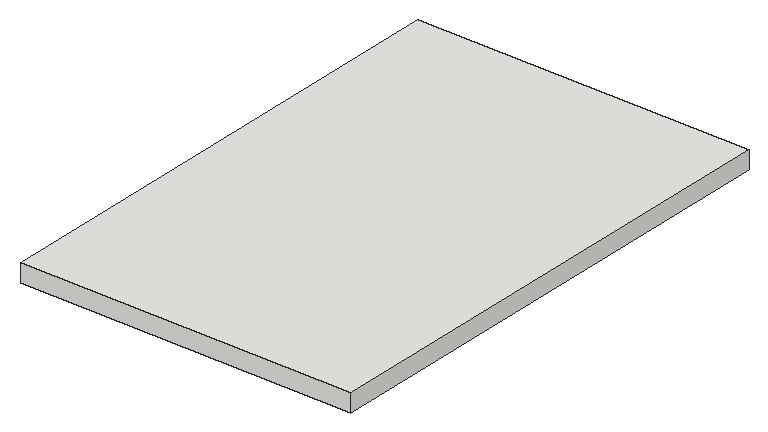
Revit family "SURVIVOR160xxx-DB", category Leuchten, Revit 2024
Family settings
  Basisbauteil = Fläche
  Bemaßung runder Anschluss = Durchmesser verwenden
  Teiletyp = Normal
  OmniClass-Nummer = 23.80.70.11
  OmniClass-Titel = Luminaries for Internal Lighting
  Beim Laden mit Abzugskörper schneiden = Nein
  Lichtquelle = Ja
  Beschriftungsausrichtung beibehalten = Nein
  Gemeinsam genutzt = Nein
  Raumberechnungspunkt = Nein
Parameters (values of type "SURVIVOR160NDWS840AS0650-DB")
  width = 240 mm  # constant formula
  weight = "13.2 kg"  # constant formula
  voltage type (AC, DC, UC) = "AC"
  rated input power = 43
  product name = "SURVIVOR160NDWS840AS0650-DB"
  nominal voltage = "230"
  nominal frequency = "50-60Hz"
  length = 1600 mm  # constant formula
  ingress protection (IP) code = "IP65"
  height = 73 mm  # constant formula
  electrical safety class = "1"
  control gear = ""
  conformity mark = "CE"  # constant formula
  brand = "RIDI"
  approval mark = ""
  built-in parameter 1150104 = 13.8 (stored number, unit not read)
  Wattage = 37.0939 W
  Von Breite des Rechtecks ausssenden = 1528 mm
  Von Länge des Rechtecks aussenden = 172 mm  # constant formula
  Default Elevation = 0 mm
  built-in parameter 1150113 = 1 (stored number, unit not read)
  built-in parameter 1114218 = 1 (stored number, unit not read)
  URL = "www.ridi.de"
  built-in parameter 1150134 = 12
  built-in parameter 1150109 = 1 (stored number, unit not read)
  built-in parameter 1150110 = 1 (stored number, unit not read)
  Apparent Load = 43 VA
  Tilt Angle = 90.00°
  Modell = "6068006//420"
  built-in parameter 1114217 = 1 (stored number, unit not read)
  built-in parameter 1150139 = (empty or 0)
  built-in parameter 1150105 = 2121.8 (stored number, unit not read)
  built-in parameter 1150114 = 1 (stored number, unit not read)
  Lumens = 5510 lm
  built-in parameter 1150115 = 1 (stored number, unit not read)
  built-in parameter 1150112 = 1 (stored number, unit not read)
  Lampe = "LED"
  Hersteller = "RIDI Leuchten GmbH"  # constant formula
  Dimming Lamp Color Temperature Shift = (empty or 0)
  Color Filter = 16777215
  built-in parameter 1150133 = 10 (stored number, unit not read)
  Emit Shape Visible in Rendering = no
  built-in parameter 1150137 = (empty or 0)
  built-in parameter 1150132 = 2
  Datei für fotometrisches Netz = "SURVIVOR_SAS.IES"
  Copyright = "© RIDI. All rights reserved."  # constant formula
  built-in parameter 1150106 = 21.218 (stored number, unit not read)
  Baugruppenkennzeichen = "D5020200"
  built-in parameter 1150107 = 4000 (stored number, unit not read)
  built-in parameter 1150102 = (empty or 0)
  built-in parameter 1150138 = (empty or 0)
Types (7, lengths in mm): name | rated input power | product name | Wattage | Apparent Load | Modell | built-in parameter 1150105 | Lumens | Datei für fotometrisches Netz | built-in parameter 1150106
  (no name) | 43 | "SURVIVOR160NDWS840AS0650-DB" | 37.0939 W | 43 VA | "6068006//420" | 2121.8 (stored number, unit not read) | 5510 lm | "SURVIVOR_SAS.IES" | 21.218 (stored number, unit not read)
  SURVIVOR160NDWS840AS0650-DB | 43 | "SURVIVOR160NDWS840AS0650-DB" | 37.0939 W | 43 VA | "6068006//420" | 2121.8 (stored number, unit not read) | 5510 lm | "SURVIVOR_SAS.IES" | 21.218 (stored number, unit not read)
  SURVIVOR160NDWS840S0650-DB | 43 | "SURVIVOR160NDWS840S0650-DB" | 44.4319 W | 43 VA | "6068005//420" | 2442.1 (stored number, unit not read) | 6600 lm | "SURVIVOR_S.IES" | 24.421 (stored number, unit not read)
  SURVIVOR160DAWS840MPO0550-US | 44 | "SURVIVOR160DAWS840MPO0550-US" | 36.3534 W | 44 VA | "6068091" | 429.72 (stored number, unit not read) | 5400 lm | "SURVIVOR_MPO.IES" | 4.2972 (stored number, unit not read)
  SURVIVOR160DAWS840AS0650-US | 44 | "SURVIVOR160DAWS840AS0650-US" | 37.0939 W | 44 VA | "6068090" | 2121.8 (stored number, unit not read) | 5510 lm | "SURVIVOR_SAS.IES" | 21.218 (stored number, unit not read)
  SURVIVOR160NDWS840MPO0550-DB | 43 | "SURVIVOR160NDWS840MPO0550-DB" | 36.3534 W | 43 VA | "6068057" | 429.72 (stored number, unit not read) | 5400 lm | "SURVIVOR_MPO.IES" | 4.2972 (stored number, unit not read)
  SURVIVOR160DAWS840S0650-US | 44 | "SURVIVOR160DAWS840S0650-US" | 44.4319 W | 44 VA | "6068089" | 2442.1 (stored number, unit not read) | 6600 lm | "SURVIVOR_S.IES" | 24.421 (stored number, unit not read)
Reference planes
  plane 1 "Mitte (Vorne/hinten)": y = 0
  plane 2: z = 0
  plane 3 "Mitte (Links/rechts)": x = 0
  plane 4: z = 1600
Forms (mm)
  Extrusion 1, solid
    sketch origin (219.2, 280.8, 0) x (1, 0, 0) y (0, 1, 0)
      loop
        line (-1219.2, 1219.2) -> (-1219.2, -1780.8) -> (780.8, -1780.8) -> (780.8, 1219.2) -> (-1219.2, 1219.2)
    from 0 to -107.307
Dimensions and locks
  plane 4 to Extrusion 1 = 1600 mm
  locked: imposter light to import instance at 24
  aligned and locked: plane 2 to Extrusion 1
  aligned and locked: level to Extrusion 1
  aligned and locked: import instance to Extrusion 1
Connectors
  electrical at (53.526, -789.759, 2.275), driven by "Apparent Load"
    settings: on import instance, index 1, voltage 230 V, apparent load 0 VA, apparent load phase1 43 VA, apparent load phase2 0 VA, apparent load phase3 0 VA, power factor 1, load classification "Lighting", number of poles 1, system type 31, power factor state 1, is connector primary yes, connector utility no, sub classification motor no, connector description ""
